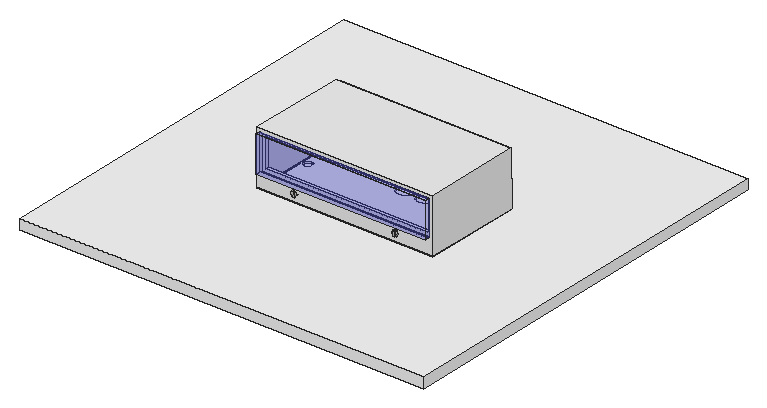
Revit family "BE_50072.1_de_DE", category Leuchten, Revit 2015
Parameters (values of type "BEGA_50072.1_K4")
  built-in parameter 1150104 = 12.105 (stored number, unit not read)
  Wattage = 12.2 W
  Default Elevation = 0 mm
  built-in parameter 1150113 = 1 (stored number, unit not read)
  built-in parameter 1114218 = 1 (stored number, unit not read)
  Umgebungstemperatur = "25 °C"
  URL = "http://www.bega.de/produkt/50072.1"
  Typenkommentare = "© 2017 BEGA. Wir behalten uns das Recht vor, technische Änderungen ohne vorherige Ankündigung vorzunehmen."  # constant formula
  built-in parameter 1150134 = 12
  built-in parameter 1150109 = 1 (stored number, unit not read)
  Strom = ""
  built-in parameter 1150110 = 1 (stored number, unit not read)
  Spannung = 239.996 V
  Sonderanfertigung = no
  Seriennummer [instance] = "Hier können Sie die eindeutige Seriennummer für das Facility Management eintragen."
  Schutzklasse = "I"
  Schutzart = "IP 20"
  Scheinlast = 0 VA
  Produktdatenblatt = "http://www.bega.de/download/Xrfa/db/50072.1.db.de.pdf"
  Oberflächentemperatur = ""
  Neigungswinkel = 0.00°
  Modell = "50072.1K4"
  Material_17 = BEGA_Reflektor
  Material_15 = BEGA_Leuchtmedium_matt
  Material_11 = BEGA_Glas_opal
  Material_09 = BEGA_Glas_klar
  Material_08 = BEGA_Oberfläche_Stahl_verzinkt
  Material_06 = BEGA_Oberfläche_Edelstahl_gebürstet
  Material_05 = BEGA_Oberfläche_Aluminium Guss
  Material_03 = BEGA_Oberfläche_Weiss_matt
  Material_02 = BEGA_Oberfläche_Silber_matt
  Material_01 [instance] = BEGA_Oberfläche_Grafit_matt
  M_W = no
  M_G = no
  M_A = no
  Logo = 0
  built-in parameter 1114217 = 1 (stored number, unit not read)
  built-in parameter 1150139 = (empty or 0)
  built-in parameter 1150105 = 126.5 (stored number, unit not read)
  built-in parameter 1150114 = 1 (stored number, unit not read)
  Lumens = 1589.66 lm
  built-in parameter 1150115 = 1 (stored number, unit not read)
  Leuchtenlichtstrom = "735 lm"
  Leuchtenanzahl = ""
  Lebensdauerkriterien = "L70B50 @ 25 °C = 223000 h"
  Lastklassifizierung = Beleuchtung
  built-in parameter 1150112 = 1 (stored number, unit not read)
  Lampenlichtstrom = "1590 lm"
  Lampe = "LED 12.2 W"
  LED_Modulbezeichnung = "2x LED-0518/940"
  Hersteller = "BEGA"  # constant formula
  Halbstreuwinkel = ""
  Gewicht = "1.3 kg"
  Gebrauchslageneinschränkung [instance] = ""
  Frequenz = "0/50-60 Hz"
  Farbwiedergabeindex = "Ra > 90"
  Farbtemperaturverschiebung bei Dämpfen der Lampe = <Keine Auswahl>
  Farbtemperatur = "4000 K"
  Color Filter = 16777215
  built-in parameter 1150133 = 10 (stored number, unit not read)
  Energieeffizienzklasse = "LED A++ - A"
  built-in parameter 1150137 = (empty or 0)
  built-in parameter 1150132 = (empty or 0)
  ENEC = ""
  Dimmbar [instance] = ""
  Datei für fotometrisches Netz = "BE_50072K4.IES"
  CE_Konformität = "ja"
  Bestellnummer = "50072.1K4"
  Beschreibung_Sonderanfertigung = "Hier können Sie Informationen zur Sonderanfertigung eintragen."
  Beschreibung = "Wandleuchte"
  built-in parameter 1150106 = 1.265 (stored number, unit not read)
  Befestigungsbohrung = "Ø 4,5 mm"
  Befestigungsabstand = "150 mm"
  Ballwurfsicher = ""
  BEGA_Intern_aus = yes
  BEGA_Intern_an = yes
  BEGA_Intern_Konstruktion = yes
  BEGA_Intern = yes
  BEGA_IES = yes
  BEGA_Dummy = no
  Anschlussleitung = ""
  Anschlussleistung [instance] = "15.6 W"
  Anschlusskasten = ""
  built-in parameter 1150107 = 4000 (stored number, unit not read)
  built-in parameter 1150102 = (empty or 0)
  built-in parameter 1150138 = (empty or 0)
  Aktualisierung = "2017-06-22T04:08:41"
  Abstand_zur_angestrahlten_Fläche [instance] = ""
  AC/DC = "AC/DC"
Types (2, lengths in mm): name | built-in parameter 1150104 | built-in parameter 1150134 | Modell | built-in parameter 1150105 | Lumens | Leuchtenlichtstrom | Lampenlichtstrom | LED_Modulbezeichnung | Farbtemperatur | Datei für fotometrisches Netz | Bestellnummer | built-in parameter 1150106 | built-in parameter 1150107
  BEGA_50072.1_K4 | 12.105 (stored number, unit not read) | 12 | "50072.1K4" | 126.5 (stored number, unit not read) | 1589.66 lm | "735 lm" | "1590 lm" | "2x LED-0518/940" | "4000 K" | "BE_50072K4.IES" | "50072.1K4" | 1.265 (stored number, unit not read) | 4000 (stored number, unit not read)
  BEGA_50072.1_K3 | 11.726 (stored number, unit not read) | (empty or 0) | "50072.1" | 122.54 (stored number, unit not read) | 1539.88 lm | "712 lm" | "1540 lm" | "2x LED-0518/930" | "3000 K" | "BE_50072.IES" | "50072.1" | 1.2254 (stored number, unit not read) | 3000 (stored number, unit not read)
Reference planes
  plane 1 "Mitte (Vorne/Hinten)": y = 0
  plane 2: z = 0
  plane 3 "Mitte (Links/Rechts)": x = 0
  plane 4 "Links": x = -87.491
  plane 5 "Rechts": x = 87.491
  plane 6 "Unten": y = -53.25
  plane 7 "Oben": y = 53.25
  plane 8 "Vorne": z = 54
  plane 9 "Hinten": z = 0
Forms (mm)
  Extrusion 1, solid, material "BEGA_Platte_Weiss"
    sketch origin (0, -1119.2, 0) x (1, 0, 0) y (0, 1, 0)
      loop
        line (-200, 1319.2) -> (-200, 919.2) -> (200, 919.2) -> (200, 1319.2) -> (-200, 1319.2)
    from 0 to -10
  Extrusion 2, solid, material "BEGA_Dummy_matt", visible <- "BEGA_Dummy"
    sketch origin (80.095, -76.023, 0) x (1, 0, 0) y (0, 1, 0)
      loop
        line (-167.587, 129.273) -> (-167.587, 22.773) -> (7.396, 22.773) -> (7.396, 129.273) -> (-167.587, 129.273)
    from 0 to 54
Dimensions and locks
  plane 1 "Mitte (Vorne/Hinten)" to Extrusion 1 = 200 mm
  aligned and locked: plane 2 to Extrusion 1
  aligned and locked: level to Extrusion 1
Nested families
  nested 1: "BE_50072.1" at (0, 0, 0), type "BE_50072.1"
Connectors
  electrical at (0, 0, 0), driven by "Lastklassifizierung", driven by "Spannung", driven by "Scheinlast"
    settings: index 1, voltage 239.996 V, apparent load 0 VA, apparent load phase1 0 VA, apparent load phase2 0 VA, apparent load phase3 0 VA, power factor 1, load classification "Beleuchtung", number of poles 1, system type 31, power factor state 1, is connector primary yes, connector utility no, sub classification motor no, connector description ""
Definition of nested family "BE_50072.1"
  Parameters (values of type "BE_50072.1")
    Default Elevation = 1 mm
    URL = "http://www.bega.de/de/produkt"
    Type Comments = "© 2015 BEGA. Wir behalten uns das Recht vor, technische Änderungen ohne vorherige Ankündigung vorzunehmen. "  # constant formula
    Type Image = (empty or 0)
    Neigungswinkel_um_Z2 = 0.00°
    Neigungswinkel_um_Z1 = 0.00°
    Neigungswinkel_um_Y2 = 0.00°
    Neigungswinkel_um_Y1 = 0.00°
    Neigungswinkel_um_X2 = 0.00°
    Neigungswinkel_um_X1 = 0.00°
    Material_17 = none
    Material_15 = none
    Material_11 = none
    Material_09 = none
    Material_08 = none
    Material_06 = none
    Material_05 = none
    Material_03 = none
    Material_02 = none
    Material_01 = none
    M_W = yes
    M_G = yes
    M_A = yes
    Länge_Platte = 300 mm  # constant formula
    Höhe_Platte = -10 mm  # constant formula
    Manufacturer = "BEGA"  # constant formula
    Drehwinkel_um_Z2 = 0.00°
    Drehwinkel_um_Z1 = 0.00°
    Breite_Platte = 200 mm  # constant formula
  Reference planes
    plane 1 "Mitte (Oben/Unten)": y = 0
    plane 2: z = 0
    plane 3 "Mitte (Links/Rechts)": x = 0
    plane 4: z = 54
    plane 5: y = 53.25
    plane 6: y = -53.25
    plane 7: x = -87.491
    plane 8: x = 87.491
  Forms (mm)
    Extrusion 1, solid, detail levels medium
      sketch origin (0, 0, 0) x (1, 0, 0) y (0, 1, 0)
        loop
          line (-150, 100) -> (-150, -100) -> (150, -100) -> (150, 100) -> (-150, 100)
      from 0 to -10 <- "Höhe_Platte"
    Extrusion 2, solid, material <- "Material_03", detail levels medium+fine
      sketch origin (0, 0, 0) x (0, 1, 0) y (0, 0, 1)
        loop
          line (48.25, 1) -> (48.25, 54) -> (-48.25, 54) -> (-48.25, 1) -> (-45.835, 1) -> (-45.835, 52) -> (45.835, 52) -> (45.835, 1) -> (48.25, 1)
      from -88.265 to 88.776
    Extrusion 3, solid, material <- "Material_03", detail levels medium+fine
      sketch origin (0, 0, 0) x (1, 0, 0) y (0, 0, 1)
        loop
          line (-88.265, 54) -> (-88.265, 1) -> (-84.981, 1) -> (-84.981, 54) -> (-88.265, 54)
        loop
          line (88.776, 54) -> (85.662, 54) -> (85.662, 1) -> (88.776, 1) -> (88.776, 54)
      from -48.25 to 48.25
    Extrusion 4, void
      sketch origin (0, 0, 0) x (1, 0, 0) y (0, 0, 1)
        loop
          line (-87.499, 0.549) -> (-86.557, 54.543) -> (-89.287, 54.543) -> (-89.287, 0.549) -> (-87.499, 0.549)
        loop
          line (87.516, 0.549) -> (90.348, 0.549) -> (90.348, 54.543) -> (86.574, 54.543) -> (87.516, 0.549)
      from -49.824 to 51.45
    Sweep 5, solid, material <- "Material_03", detail levels medium+fine
      path origin (0, 0, 0) x (1, 0, 0) y (0, 1, 0)
        loop
          line (87.509, 48.25) -> (-87.5, 48.25) -> (-87.5, -48.25) -> (87.509, -48.25) -> (87.509, 48.25)
      profile origin (0.004, 48.25, 0) x (0, -1, 0) y (0, 0, 1)
        loop
          line (0.5, 0) -> (4.017, 0)
          arc (4.017, 0) -> (5.077, 0.439) -> (5.517, 1.5) r 1.5
          line (5.517, 1.5) -> (5.517, 2.5)
          arc (5.517, 2.5) -> (5.663, 2.854) -> (6.017, 3) r 0.5
          line (6.017, 3) -> (42.243, 3) -> (42.243, 4) -> (6.017, 4)
          arc (6.017, 4) -> (4.956, 3.561) -> (4.517, 2.5) r 1.5
          line (4.517, 2.5) -> (4.517, 1.5)
          arc (4.517, 1.5) -> (4.37, 1.146) -> (4.017, 1) r 0.5
          line (4.017, 1) -> (0.5, 1) -> (0.5, 0)
    Extrusion 6, solid, material <- "Material_03", detail levels medium+fine
      sketch origin (0, 0, 0) x (0, 1, 0) y (0, 0, 1)
        loop
          line (6.007, 4) -> (-6.007, 4) -> (-6.007, 3) -> (6.007, 3) -> (6.007, 4)
      from -45.466 to 45.466
    Extrusion 7, void
      sketch origin (0, 0, 0) x (1, 0, 0) y (0, 1, 0)
        loop
          circle (30, 15) r 8.5
        loop
          circle (-75, 0) r 4.25
        loop
          circle (10, 15) r 8.5
        loop
          circle (75, 0) r 4.25
      from 0 to 8
    Extrusion 8, solid, material <- "Material_03", detail levels medium+fine
      sketch origin (0, 0, 0) x (0, 1, 0) y (0, 0, 1)
        loop
          line (45.835, 52) -> (42.76, 52) -> (42.76, 13.991) -> (45.835, 13.991) -> (45.835, 52)
        loop
          line (-45.835, 52) -> (-45.835, 13.991) -> (-42.76, 13.991) -> (-42.76, 52) -> (-45.835, 52)
      from -84.378 to 84.841
    Extrusion 9, void
      sketch origin (0, 0, 0) x (0, 1, 0) y (0, 0, 1)
        loop
          line (49.5, 48.03) -> (-49.715, 48.03) -> (-49.715, 18.623) -> (49.5, 18.623) -> (49.5, 48.03)
      from -80.277 to 80.984
    Extrusion 10, void
      sketch origin (0, 0, 0) x (0, 1, 0) y (0, 0, 1)
        loop
          line (45.835, 51.347) -> (45.835, 15.347) -> (49.744, 15.347) -> (49.744, 51.347) -> (45.835, 51.347)
        loop
          line (-45.835, 51.347) -> (-49.744, 51.347) -> (-49.744, 15.347) -> (-45.835, 15.347) -> (-45.835, 51.347)
      from -83.844 to 84.146
    Extrusion 11, solid, material <- "Material_11", detail levels medium+fine
      sketch origin (0, 0, 0) x (0, -1, 0) y (0, 0, -1)
        loop
          line (53.25, -15.347) -> (45.25, -15.347) -> (45.25, -51.347) -> (53.25, -51.347) -> (53.25, -15.347)
      from -83.844 to 84.146
    Revolve 12, void
      sketch origin (-49.991, 0, 0) x (0, 1, 0) y (0, 0, 1)
        loop
          line (-46.138, 10.5) -> (-47.677, 10.5) -> (-48.584, 11.407) -> (-48.584, 8) -> (-46.138, 8) -> (-46.138, 10.5)
        axis (-46.138, 8) -> (-48.584, 8)
      angle from 0 to 360
    Revolve 13, solid, material <- "Material_06", detail levels fine
      sketch origin (-49.991, 0, 0) x (0, 1, 0) y (0, 0, 1)
        loop
          line (-49.45, 10) -> (-49.45, 8) -> (-46.138, 8) -> (-46.138, 10.5) -> (-47.633, 10.5) -> (-48.25, 10) -> (-49.45, 10)
        axis (-46.138, 8) -> (-49.45, 8)
      angle from 0 to 360
    Extrusion 14, solid, material <- "Material_11", detail levels medium+fine
      sketch origin (0, 0, 0) x (0, 1, 0) y (0, 0, 1)
        loop
          line (53.25, 15.347) -> (53.25, 51.347) -> (45.25, 51.347) -> (45.25, 15.347) -> (53.25, 15.347)
      from -83.844 to 84.146
    Revolve 15, void
      sketch origin (49.991, 0, 0) x (0, 1, 0) y (0, 0, -1)
        loop
          line (-46.138, -10.5) -> (-46.138, -8) -> (-48.584, -8) -> (-48.584, -11.407) -> (-47.677, -10.5) -> (-46.138, -10.5)
        axis (-46.138, -8) -> (-48.584, -8)
      angle from 0 to 360
    Revolve 16, solid, material <- "Material_06", detail levels fine
      sketch origin (49.991, 0, 0) x (0, 1, 0) y (0, 0, -1)
        loop
          line (-49.45, -10) -> (-48.25, -10) -> (-47.633, -10.5) -> (-46.138, -10.5) -> (-46.138, -8) -> (-49.45, -8) -> (-49.45, -10)
        axis (-46.138, -8) -> (-49.45, -8)
      angle from 0 to 360
  Cuts and joins
    Extrusion 4, Extrusion 9, Extrusion 10, Revolve 12, Revolve 15 cuts Extrusion 2
    Extrusion 4, Extrusion 9, Extrusion 10, Revolve 12, Revolve 15 cuts Extrusion 3
    Extrusion 9, Extrusion 10, Revolve 12, Revolve 15 cuts Extrusion 8
    joined: Extrusion 2, Extrusion 3, Extrusion 8
    Extrusion 7 cuts Sweep 5
    Extrusion 7 cuts Extrusion 6
    joined: Sweep 5, Extrusion 6
  Dimensions and locks
    equal spacing: Extrusion 1 sketch curve, plane 3 "Mitte (Links/Rechts)", Extrusion 1 sketch curve
    equal spacing: Extrusion 1 sketch curve, plane 1 "Mitte (Oben/Unten)", Extrusion 1 sketch curve
    "Länge_Platte": Extrusion 1 sketch curve to Extrusion 1 sketch curve
    "Breite_Platte": Extrusion 1 sketch curve to Extrusion 1 sketch curve
    aligned and locked: Extrusion 1 to plane 2
    aligned and locked: level to Extrusion 1
  Automatic sketch dimensions
    plane 4 to Extrusion 2 sketch curve = 0 mm
    level to Extrusion 2 sketch curve = 1 mm  (x2)
    plane 6 to Extrusion 2 sketch curve = 5 mm
    Extrusion 2 sketch curve to Extrusion 2 sketch curve = 2.415 mm  (x2)
    plane 5 to Extrusion 2 sketch curve = 7.415 mm
    plane 4 to Extrusion 2 sketch curve = 2 mm
    Extrusion 3 sketch curve to plane 4 = 0 mm  (x2)
    level to Extrusion 3 sketch curve = 1 mm  (x2)
    Extrusion 3 sketch curve to Extrusion 3 sketch curve = 3.284 mm
    Extrusion 3 sketch curve to Extrusion 3 sketch curve = 3.114 mm
    Extrusion 4 sketch curve to plane 4 = 0.543 mm  (x2)
    level to Extrusion 4 sketch curve = 0.549 mm  (x2)
    Extrusion 4 sketch curve to Extrusion 4 sketch curve = 1.788 mm
    Extrusion 4 sketch curve to Extrusion 4 sketch curve = 2.73 mm
    Extrusion 4 sketch curve to Extrusion 4 sketch curve = 2.831 mm
    plane 5 to Sweep 5 sketch curve = 5 mm
    plane 6 to Sweep 5 sketch curve = 5 mm
    Sweep 5 sketch curve to Sweep 5 sketch curve = 0 mm  (x4)
    Sweep 5 sketch curve to level = 0 mm
    Sweep 5 sketch curve to profile plane = 0.5 mm
    level to Sweep 5 sketch curve = 1 mm
    Sweep 5 sketch curve to Sweep 5 sketch curve = 3.517 mm
    Sweep 5 sketch curve to Sweep 5 sketch curve = 0.5 mm  (x2)
    level to Sweep 5 sketch curve = 4 mm
    Sweep 5 sketch curve to Sweep 5 sketch curve = 36.226 mm
    plane 1 "Mitte (Oben/Unten)" to Extrusion 6 sketch curve = 6.007 mm
    level to Extrusion 6 sketch curve = 3 mm
    Extrusion 6 sketch curve to plane 1 "Mitte (Oben/Unten)" = 6.007 mm
    Extrusion 6 sketch curve to Extrusion 6 sketch curve = 1 mm
    plane 1 "Mitte (Oben/Unten)" to Extrusion 7 sketch curve = 0 mm  (x2)
    plane 3 "Mitte (Links/Rechts)" to Extrusion 7 sketch curve = 10 mm
    Extrusion 7 sketch curve to plane 1 "Mitte (Oben/Unten)" = 15 mm  (x2)
    plane 6 to Extrusion 8 sketch curve = 7.415 mm
    Extrusion 8 sketch curve to Extrusion 8 sketch curve = 3.075 mm  (x2)
    plane 4 to Extrusion 8 sketch curve = 2 mm  (x2)
    plane 5 to Extrusion 8 sketch curve = 10.49 mm
    level to Extrusion 8 sketch curve = 13.991 mm  (x2)
    plane 6 to Extrusion 9 sketch curve = 3.535 mm
    plane 5 to Extrusion 9 sketch curve = 3.75 mm
    level to Extrusion 9 sketch curve = 18.623 mm
    plane 4 to Extrusion 9 sketch curve = 5.97 mm
    plane 6 to Extrusion 10 sketch curve = 3.506 mm
    Extrusion 10 sketch curve to Extrusion 10 sketch curve = 3.91 mm
    plane 5 to Extrusion 10 sketch curve = 7.415 mm
    plane 5 to Extrusion 10 sketch curve = 3.506 mm
    level to Extrusion 10 sketch curve = 15.347 mm  (x2)
    plane 4 to Extrusion 10 sketch curve = 2.653 mm  (x2)
    Extrusion 11 sketch curve to plane 6 = 0 mm
    Extrusion 11 sketch curve to plane 4 = 2.653 mm
    Extrusion 11 sketch curve to plane 6 = 8 mm
    Extrusion 11 sketch curve to level = 15.347 mm
    plane 6 to Revolve 12 sketch curve = 4.666 mm
    Revolve 12 sketch curve to Revolve 12 sketch curve = 0.907 mm  (x2)
    Revolve 12 sketch curve to Revolve 12 sketch curve = 2.445 mm
    level to Revolve 12 sketch curve = 8 mm
    Revolve 12 sketch curve to Revolve 12 sketch curve = 2.5 mm
    Revolve 12 sketch curve to Revolve 12 sketch curve = 0 mm  (x3)
    plane 6 to Revolve 13 sketch curve = 3.8 mm
    Revolve 13 sketch curve to Revolve 13 sketch curve = 1.2 mm
    Revolve 13 sketch curve to Revolve 13 sketch curve = 0.617 mm
    Revolve 13 sketch curve to Revolve 13 sketch curve = 1.494 mm
    level to Revolve 13 sketch curve = 8 mm
    Revolve 13 sketch curve to Revolve 13 sketch curve = 2 mm
    Revolve 13 sketch curve to Revolve 13 sketch curve = 0.5 mm
    Revolve 13 sketch curve to Revolve 13 sketch curve = 0 mm  (x3)
    Extrusion 14 sketch curve to plane 5 = 0 mm
    plane 4 to Extrusion 14 sketch curve = 2.653 mm
    Extrusion 14 sketch curve to Extrusion 14 sketch curve = 8 mm
    level to Extrusion 14 sketch curve = 15.347 mm
    plane 6 to Revolve 15 sketch curve = 4.666 mm
    Revolve 15 sketch curve to Revolve 15 sketch curve = 0.907 mm  (x2)
    Revolve 15 sketch curve to Revolve 15 sketch curve = 2.445 mm
    level to Revolve 15 sketch curve = 11.407 mm
    Revolve 15 sketch curve to Revolve 15 sketch curve = 2.5 mm
    Revolve 15 sketch curve to Revolve 15 sketch curve = 0 mm  (x3)
    plane 6 to Revolve 16 sketch curve = 3.8 mm
    Revolve 16 sketch curve to Revolve 16 sketch curve = 1.2 mm
    Revolve 16 sketch curve to Revolve 16 sketch curve = 0.617 mm
    Revolve 16 sketch curve to Revolve 16 sketch curve = 1.494 mm
    level to Revolve 16 sketch curve = 10.5 mm
    Revolve 16 sketch curve to Revolve 16 sketch curve = 0.5 mm
    Revolve 16 sketch curve to Revolve 16 sketch curve = 2.5 mm
    Revolve 16 sketch curve to Revolve 16 sketch curve = 0 mm  (x3)
    plane 3 "Mitte (Links/Rechts)" to Extrusion 3 sketch curve = 85.662 mm
    plane 3 "Mitte (Links/Rechts)" to Extrusion 4 sketch curve = 86.574 mm
    Extrusion 4 sketch curve to Extrusion 4 sketch curve = 0.942 mm
    plane 3 "Mitte (Links/Rechts)" to Sweep 5 sketch curve = 87.509 mm
    Extrusion 7 sketch curve to Extrusion 7 sketch curve = 20 mm
    Extrusion 7 sketch curve to Extrusion 7 sketch curve = 45 mm
    Extrusion 3 sketch curve to plane 3 "Mitte (Links/Rechts)" = 84.981 mm
    Extrusion 4 sketch curve to plane 3 "Mitte (Links/Rechts)" = 86.557 mm
    Sweep 5 sketch curve to plane 3 "Mitte (Links/Rechts)" = 87.5 mm
    Extrusion 7 sketch curve to plane 3 "Mitte (Links/Rechts)" = 75 mm
    radius of Extrusion 7 sketch curve = 8.5 mm  (x2)
    radius of Extrusion 7 sketch curve = 4.25 mm  (x2)
